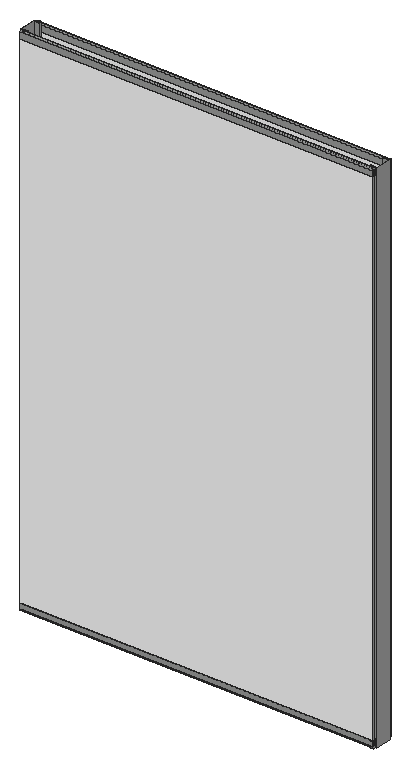
Revit family "cScreening-Louver-Assembly-Panel-Palmshield-Filigree_Trellis_System-Double", category Specialty Equipment, Revit 2021
Family settings
  Round Connector Dimension = Use Diameter
  Part Type = Normal
  OmniClass Number = 23.55.00.00
  OmniClass Title = Manufactured Structures
  Work Plane-Based = No
  Always vertical = No
  Cut with Voids When Loaded = No
  Shared = No
  Room Calculation Point = No
Parameters (values of type "Assembly")
  Width [instance] = if(Desired Overall Width < C Min Width, C Min Width, if(Desired Overall Width > C Max Width, C Max Width, Desired Overall Width))  # 4' - 0"
  Warranty URL = "https://palmshieldlouvers.com/wp-content/uploads/2020/01/PalmSHIELD-Warranty-NO-SIGN-LINE.pdf"
  Version = "2020 - v1.0a"  # constant formula
  URL = "https://palmshieldlouvers.com/"
  Product Page URL = "https://palmshieldlouvers.com/products/trellis-louvers/"
  Product Documentation Link = "https://palmshieldlouvers.com/wp-content/uploads/2022/03/PalmSHIELD-ESPALIER-trellis-panel-system-specifications-1.doc"
  Offset From Surface = 0' - 2"  # constant formula
  Model = "Filigree Trellis System - Double"  # constant formula
  Material = Metal - PalmSHIELD - Dusty Grey
  Manufacturer Phone Number = "531-329-4406 "  # constant formula
  Manufacturer Email = "mailto: info@palmshieldlouvers.com"
  Manufacturer Address = "12330 Cary Circle, La Vista, NE 68128"  # constant formula
  Manufacturer = "PalmSHIELD"  # constant formula
  Louver Finish = Metal - PalmSHIELD - Grey Beige
  Keynote = "05 10 00"
  Instruction Sheet Link = "https://palmshieldlouvers.com/wp-content/uploads/2020/01/PalmSHIELD-Post-Panel-Gate-Installation-Instructions-REV-1.pdf"
  ID [instance] = "Not Assigned"
  Height [instance] = if(Desired Overall Height < C Min Height, C Min Height, if(Desired Overall Height > C Max Height, C Max Height, Desired Overall Height))  # 6' - 0"
  Desired Overall Width [instance] = 4' - 0"
  Desired Overall Height [instance] = 6' - 0"
  Desired Bottom Angle [instance] = 0.00°
  Description = "Filigree Trellis System - Double - Panel Assembly"  # constant formula
  Default Elevation = 0' - 0"
  Copyright = "Copyright ©2024 The American Fence Company and PalmSHIELD. All Rights Reserved."  # constant formula
  Component Vis [instance] = yes
  Component Name [instance] = "Filigree Trellis System - Double - Panel Assembly"  # constant formula
  C Min Width [instance] = 4' - 0"  # constant formula
  C Min Height [instance] = C Min Width  # 4' - 0"
  C Max Width [instance] = 5' - 0"  # constant formula
  C Max Height [instance] = 10' - 0"  # constant formula
  C Angle [instance] = if(Desired Bottom Angle > 10.00°, 10.00°, if(Desired Bottom Angle < -10.00°, -10.00°, Desired Bottom Angle))  # 0.00°
  Assembly Code = "F1020100"
Reference planes (in)
  plane 1 "Center (Front/Back)": y = 0
  plane 2: z = 0
  plane 3 "Center (Left/Right)": x = 0
  plane 4: z = 72
  plane 5: x = 48
  plane 6: y = 2.75
  plane 7: y = 1.375
  plane 8: y = 0.125
Lines and regions (in)
  reference lines
    curve 1: line (48, 0, 96.95698) -> (48, 0, -11)
    curve 2: line (-20.8931, 0, 72) -> (71.1069, 0, 72)
Dimensions and locks (in)
  "Desired Overall Height": curve 2 to level
  "Desired Overall Width": curve 1 to plane 3 "Center (Left/Right)"
  "Height": plane 4 to level
  "Width": plane 5 to plane 3 "Center (Left/Right)"
  equal spacing: plane 1 "Center (Front/Back)", plane 7, plane 6
  aligned and locked: plane 2 to level
Automatic sketch dimensions
  curve 2 to plane 3 "Center (Left/Right)" = 1' - 8.8931"
  plane 5 to curve 2 = 1' - 11.1069"
  curve 1 to level = 0' - 11"
  plane 4 to curve 1 = 2' - 0.95698"
Nested families (in)
  nested 1: "Nested-Louver-Assembly-Panel-Palmshield-Filigree_Trellis_System-Double" at (0, 0, 0), Desired Overall Height <- "Desired Overall Height", Desired Overall Width <- "Desired Overall Width", ID <- "ID", Height <- "Height", Width <- "Width", Component Vis <- "Component Vis", visible <- "Component Vis", type "Assembly"
    with Width 4' - 0", Louver Length 3' - 8", ID "Not Assigned", Height 6' - 0", Desired Overall Width 4' - 0", Desired Overall Height 6' - 0", Desired Bottom Angle 0.00°, Component Vis yes, Component Name "Filigree Trellis System - Double - Panel Assembly", C Top Post Length 4' - 0", C Straight Corner Angle 45.00°, C Slope Angle 0.00°, C Side Frame Width 0' - 3", C Side Adjustment 0' - 0", C Right Side Angle 0.00°, C Rib Thickness Bottom Offset 0' - 0 1/4", C Rib Bottom Side Offset 0' - 0", C Louver Offset 0' - 3", C Louver Count 28, C Left Side Angle 0.00°, C Hip 4' - 0", C Frame Offset 0' - 2", C Corner Offset 0' - 3", C Bottom Length 3' - 11 1/2", C Back L Frame Offset 0' - 5", C B-Side Post Length 6' - 0", C B-Side Angle 45.00°, C Angle 90.00°, C A-Side Post Length 6' - 0", C A-Side Angle 45.00°
  nested 2: "Nested-L_Frame-Palmshield-Espalier_Trellis_System-Single" at (47.75, 0, 72) x (0, 1, 0) z (0, 0, -1), type "AL L3" X 3" X 1/4""
    with Slope Angle 0.00°, Material Metal - PalmSHIELD - Dusty Grey, Length 3' - 11 1/2", ID "Not Assigned", Component Name "Filigree Trellis System - Aluminum - U-Edging", B-Side Cut Angle 0.00°, A-Side Cut Angle 0.00°
  nested 3: "Nested-Box_Frame-Palmshield-Espalier_Trellis_System-Single" at (0, 0.376, 72) x (0, 1, 0) z (1, 0, 0), type "AL 1/4" X 3" FB"
    with Slope Angle 0.00°, Material Metal - PalmSHIELD - Dusty Grey, Length 5' - 10", ID "Not Assigned", Component Name "Filigree Trellis System - Channel", B-Side Cut Angle 0.00°, A-Side Cut Angle 0.00°
  nested 4: "Nested-Box_Frame-Palmshield-Espalier_Trellis_System-Single" at (48, 0.376, 2) x (0, 1, 0) z (-1, 0, 0), type "AL 1/4" X 3" FB"
    with Slope Angle 0.00°, Material Metal - PalmSHIELD - Dusty Grey, Length 5' - 10", ID "Not Assigned", Component Name "Filigree Trellis System - Channel", B-Side Cut Angle 0.00°, A-Side Cut Angle 0.00°
  nested 5: "Nested-L_Frame-Palmshield-Espalier_Trellis_System-Single" at (0.25, 0.376, 2) x (0, -1, 0) z (0, 0, 1), type "AL L3" X 3" X 1/4""
    with Slope Angle 0.00°, Material Metal - PalmSHIELD - Dusty Grey, Length 3' - 11 1/2", ID "Not Assigned", Component Name "Filigree Trellis System - Aluminum - U-Edging", B-Side Cut Angle 0.00°, A-Side Cut Angle 0.00°
  nested 6: "Nested-L_Frame-Palmshield-Espalier_Trellis_System-Single" at (47.75, 3, 72) x (0, -1, 0) z (0, 0, -1), type "AL L3" X 3" X 1/4""
    with Slope Angle 0.00°, Material Metal - PalmSHIELD - Dusty Grey, Length 3' - 11 1/2", ID "Not Assigned", Component Name "Filigree Trellis System - Aluminum - U-Edging", B-Side Cut Angle 0.00°, A-Side Cut Angle 0.00°
  nested 7: "Nested-L_Frame-Palmshield-Espalier_Trellis_System-Single" at (0.25, 2.624, 2) x (0, 1, 0) z (0, 0, 1), type "AL L3" X 3" X 1/4""
    with Slope Angle 0.00°, Material Metal - PalmSHIELD - Dusty Grey, Length 3' - 11 1/2", ID "Not Assigned", Component Name "Filigree Trellis System - Aluminum - U-Edging", B-Side Cut Angle 0.00°, A-Side Cut Angle 0.00°
Definition of nested family "Nested-Louver-Assembly-Panel-Palmshield-Filigree_Trellis_System-Double"
  Parameters (values of type "Assembly")
    Width [instance] = if(Desired Overall Width < 4' 0", 4' 0", if(Desired Overall Width > 5' 0", 5' 0", Desired Overall Width))  # 4' - 0"
    Warranty URL = "https://palmshieldlouvers.com/wp-content/uploads/2020/01/PalmSHIELD-Warranty-NO-SIGN-LINE.pdf"
    Version = "2020 - v1.0a"  # constant formula
    URL = "https://palmshieldlouvers.com/"
    Panel Surface Finish = none
    Offset From Surface = 0' - 2"  # constant formula
    Material Note = "For More Panel Finish Options, Please Contact the Manufacturer"  # constant formula
    Material = none
    Louver Separation = 0' - 2 3/8"  # constant formula
    Product Page URL = "https://palmshieldlouvers.com/products/augustus-solid/"
    Product Documentation Link = "https://palmshieldlouvers.com/wp-content/uploads/2020/05/PalmSHIELD-Solid-Composite-Technical-Data-Sheet.pdf"
    Model = "Filigree Trellis System - Double"  # constant formula
    Manufacturer Phone Number = "531-329-4406 "  # constant formula
    Manufacturer Fax Number = "Consult Manufacturer Website for More Information"  # constant formula
    Manufacturer Email = "mailto: info@palmshieldlouvers.com"
    Manufacturer Address = "12330 Cary Circle, La Vista, NE 68128"  # constant formula
    Manufacturer = "PalmSHIELD"  # constant formula
    Louver Length [instance] = Width - 2 * C Side Frame Width + 0' 2"  # 3' - 8"
    Keynote = "05 10 00"
    Instruction Sheet Link = "https://palmshieldlouvers.com/wp-content/uploads/2020/01/PalmSHIELD-Post-Panel-Gate-Installation-Instructions-REV-1.pdf"
    ID [instance] = "Not Assigned"
    Height [instance] = if(Desired Overall Height < 3' 0", 3' 0", if(Desired Overall Height > 10' 0", 10' 0", Desired Overall Height))  # 6' - 0"
    Frame Width = 0' - 3"  # constant formula
    Frame Thickness = 0' - 0 1/4"  # constant formula
    Desired Overall Width [instance] = 4' - 0"
    Desired Overall Height [instance] = 6' - 0"
    Description = "Filigree Trellis System - Double - Panel Assembly"  # constant formula
    Default Elevation = 0' - 0"
    Copyright = "Copyright ©2024 The American Fence Company and PalmSHIELD. All Rights Reserved."  # constant formula
    Component Vis [instance] = yes
    Component Name [instance] = "Filigree Trellis System - Double - Panel Assembly"  # constant formula
    C Top Post Length [instance] = Width  # 4' - 0"
    C Straight Corner Angle [instance] = 0.00°
    C Slope Angle [instance] = if(Desired Bottom Angle < -25.00°, 25.00°, if(Desired Bottom Angle > 25.00°, 25.00°, Desired Bottom Angle))  # 0.00°
    C Side Frame Width [instance] = 0' - 3"  # constant formula
    C Right Side Angle [instance] = -C Slope Angle  # 0.00°
    C Rib Thickness Bottom Offset [instance] = Frame Thickness * cos(C Slope Angle)  # 0' - 0 1/4"
    C Rib Bottom Side Offset [instance] = if(C Slope Angle < 0.00°, -Frame Thickness * sin(C Slope Angle), Frame Thickness * sin(C Slope Angle))  # 0' - 0"
    C Louver Overlap = 0' - 0 5/8"  # constant formula
    C Louver Offset [instance] = if(C Side Adjustment < 0' 0", -C Side Adjustment + (Frame Width / sin([C A-Side Angle])) * cos([C A-Side Angle]), Frame Width)  # 0' - 3"
    C Louver Count [instance] = if(C Slope Angle < 0.00°, (Height - 2 * Frame Width + C Louver Overlap * 2) / Louver Separation, (Height - 2 * Frame Width + C Louver Overlap * 2 - C Hip * sin(C Slope Angle)) / Louver Separation)  # 28
    C Left Side Angle [instance] = C Slope Angle  # 0.00°
    C Hip [instance] = Width / cos(C Slope Angle)  # 4' - 0"
    C Side Adjustment [instance] = -C Hip * sin(C Slope Angle)  # 0' - 0"
    C Frame Offset [instance] = C Side Frame Width - 0' 1"  # 0' - 2"
    C Corner Offset [instance] = if(C Slope Angle > 0.00°, Frame Width / sin([C A-Side Angle]) * cos([C A-Side Angle]), if(C Slope Angle < 0.00°, Frame Width / sin([C A-Side Angle]) * cos([C A-Side Angle]), 0' 3"))  # 0' - 3"
    C Bottom Length [instance] = Width - 2 * Frame Thickness  # 3' - 11 1/2"
    C Back L Frame Offset [instance] = 0' 5" - (Frame Thickness * sin(C Slope Angle))  # 0' - 5"
    C B-Side Post Length [instance] = Height + C Side Adjustment  # 6' - 0"
    C B-Side Angle [instance] = (90.00° - C Slope Angle) / 2  # 45.00°
    C Angle [instance] = if(C Slope Angle < -25.00°, 90.00° - 25.00°, if(C Slope Angle > 25.00°, 90.00° + 25.00°, 90.00° - C Slope Angle))  # 90.00°
    Desired Bottom Angle [instance] = 0.00°
    C A-Side Post Length [instance] = Height  # 6' - 0"
    C A-Side Angle [instance] = (90.00° + C Slope Angle) / 2  # 45.00°
    Assembly Code = "F1020100"
  Reference planes (in)
    plane 1 "Center (Front/Back)": y = 0
    plane 2: z = 0
    plane 3 "Side A": x = 0
    plane 4 "Top": z = 72
    plane 5 "Side B": x = 48
    plane 6: z = 2
    plane 7: x = 0.25
    plane 8: x = 47.75
    plane 9: z = 69
    plane 10: z = 69.625
    plane 11: y = 0.25
    plane 12: y = 1.125
    plane 13: z = 71.75
    plane 14: z = 2
    plane 15: z = 2.25
    plane 16: x = 0
    plane 17: x = 2
    plane 18 "Front": y = 3
    plane 19: y = 1.5
    plane 20: x = 24
    plane 21: z = 3
    plane 22: y = 2.75
    plane 23: y = 0.376
    plane 24: x = 47.75
  Forms (in)
    Extrusion 1, solid
      sketch origin (0, 0, 0) x (1, 0, 0) y (0, 1, 0)
        loop
          line (-48, 48) -> (-48, -48) -> (48, -48) -> (48, 48) -> (-48, 48)
      from 0 to -12
  Lines and regions (in)
    reference lines
      curve 1: line (0, 0, 2) -> (84, 0, 2)
      curve 2: line (-27.58202, 0, 72) -> (60.81396, 0, 72)
      curve 3: line (48, 0, 76.70206) -> (48, 0, -11.93476)
      curve 4: line (0, 0, 5) -> (48, 0, 5)
      curve 5: line (0, 0, 5) -> (5.25, 0, 5)
      curve 6: line (48, 0, 5) -> (42.5, 0, 5)
      curve 7: line (0, 0, 10) -> (5.25, 0, 10)
      curve 8: line (0, 0, 5) -> (5.25, 0, 5)
      curve 9: line (48, 0, 0) -> (42.5, 0, 0)
      curve 10: line (48, 0, 5) -> (42.5, 0, 5)
  Dimensions and locks (in)
    "Width": plane 5 "Side B" to plane 3 "Side A"
    "Offset From Surface": plane 6 to Extrusion 1
    "Frame Thickness": plane 7 to plane 3 "Side A"
    "Frame Thickness": plane 5 "Side B" to plane 8
    "Frame Width": plane 4 "Top" to plane 9
    "C Louver Overlap": plane 10 to plane 9
    "Frame Thickness": plane 11 to plane 1 "Center (Front/Back)"
    plane 3 "Side A" to plane 5 "Side B" = 4' - 0"
    "Frame Thickness": plane 4 "Top" to plane 13
    "C Rib Thickness Bottom Offset": plane 15 to plane 6
    "C Rib Bottom Side Offset": plane 3 "Side A" to plane 16
    "Desired Overall Width": curve 3 to plane 3 "Side A"
    "C Frame Offset": plane 17 to plane 3 "Side A"
    "Frame Width": plane 1 "Center (Front/Back)" to plane 18 "Front"
    equal spacing: plane 1 "Center (Front/Back)", plane 19, plane 18 "Front"
    equal spacing: plane 5 "Side B", plane 20, plane 3 "Side A"
    locked: curve 5 to plane 3 "Side A" at 5.25
    locked: plane 5 "Side B" to curve 6 at 5.5
    locked: curve 7 to plane 3 "Side A" at 5.25
    locked: curve 8 to plane 3 "Side A" at 5.25
    locked: plane 5 "Side B" to curve 10 at 5.5
    locked: plane 5 "Side B" to curve 9 at 5.5
    locked: plane 21 to plane 6 at 1
    locked: plane 18 "Front" to plane 22 at 0.25
    "Desired Overall Height": curve 2 to plane 2
    "Height": plane 4 "Top" to plane 2
    locked: plane 1 "Center (Front/Back)" to plane 23 at 0.376
    "Frame Thickness": plane 5 "Side B" to plane 24
    "C Angle": angle curve 1 to plane 3 "Side A"
    locked: curve 5 to plane 3 "Side A" (angle 90.00°)
    locked: plane 5 "Side B" to curve 6 (angle 90.00°)
    locked: curve 7 to plane 3 "Side A" (angle 90.00°)
    locked: curve 8 to plane 3 "Side A" (angle 90.00°)
    locked: plane 5 "Side B" to curve 10 (angle 90.00°)
    locked: plane 5 "Side B" to curve 9 (angle 90.00°)
    aligned and locked: plane 2 to Extrusion 1
    aligned and locked: level to Extrusion 1
    aligned and locked: plane 6 to curve 1
    aligned and locked: plane 3 "Side A" to curve 1
    aligned and locked: nested 1 to plane 1 "Center (Front/Back)"
    aligned and locked: plane 3 "Side A" to curve 4
    aligned and locked: plane 5 "Side B" to curve 4
    aligned and locked: plane 3 "Side A" to curve 5
    aligned and locked: plane 5 "Side B" to curve 6
    aligned and locked: curve 4 to curve 4
    aligned and locked: curve 4 to curve 6
    aligned and locked: plane 3 "Side A" to curve 7
    aligned and locked: plane 3 "Side A" to curve 8
    aligned and locked: plane 5 "Side B" to curve 10
    aligned and locked: plane 5 "Side B" to curve 9
    aligned and locked: nested 2 to plane 20
    aligned and locked: plane 23 to nested 3
    aligned and locked: plane 23 to nested 4
    aligned and locked: nested 5 to plane 1 "Center (Front/Back)"
    aligned and locked: plane 14 to nested 4
    aligned and locked: plane 4 "Top" to nested 4
    aligned and locked: nested 3 to plane 4 "Top"
    aligned and locked: nested 3 to plane 6
    aligned and locked: plane 24 to nested 1
    aligned and locked: nested 1 to plane 7
    aligned and locked: nested 5 to plane 7
    aligned and locked: nested 6 to nested 7
    aligned and locked: plane 18 "Front" to nested 8
    aligned and locked: nested 7 to plane 18 "Front"
    aligned and locked: plane 7 to nested 8
    aligned and locked: nested 6 to plane 7
    aligned and locked: plane 20 to nested 7
  Automatic sketch dimensions
    Extrusion 1 sketch curve to Extrusion 1 sketch curve = 8' - 0"  (x2)
    curve 1 to curve 4 = 0' - 3"
    curve 5 to curve 4 = 0' - 0"
    curve 8 to curve 5 = 0' - 0"
    curve 5 to curve 7 = 0' - 5"
    curve 10 to curve 6 = 0' - 0"
    curve 6 to curve 9 = 0' - 5"
    curve 2 to plane 3 "Side A" = 2' - 3 149/256"
    plane 5 "Side B" to curve 2 = 1' - 0.81396"
    curve 3 to level = 0' - 11.93476"
    plane 4 "Top" to curve 3 = 0' - 4.70206"
  Nested families (in)
    nested 1: "Nested-L_Frame-Palmshield-Espalier_Trellis_System-Single" at (47.75, 0, 72) x (0, 1, 0) z (0, 0, -1), ID <- "ID", Material <- "Material", A-Side Cut Angle <- "C Straight Corner Angle", B-Side Cut Angle <- "C Straight Corner Angle", visible <- "Component Vis", type "AL L3" X 3" X 1/4""
      with Slope Angle 0.00°, Material none, Length 3' - 11 1/2", ID "Not Assigned", Component Name "Filigree Trellis System - Aluminum - U-Edging", B-Side Cut Angle 0.00°, A-Side Cut Angle 0.00°
    nested 2: "(Do_Not_Use-Nested)-Aluminum_Sheet-Palmshield-Espalier_Trellis_System" at (0.25, 0, 3), Material <- "Material", Surface Finish <- "Panel Surface Finish", C Overall Panel Height <- "Height", C Overall Panel Width <- "Width", C Angle <- "C Angle", visible <- "Component Vis", type "Perforated Sheet"
      with Width 3' - 11 1/2", Surface Finish none, Material none, ID "", Height 5' - 8", Component Name "Espalier Trellis System - Perforated Sheet", C Overall Panel Width 4' - 0", C Overall Panel Height 6' - 0", C Frame Thickness 0' - 0 1/4", C Angle 90.00°
    nested 3: "Nested-Box_Frame-Palmshield-Espalier_Trellis_System-Single" at (0, 0.376, 72) x (0, 1, 0) z (1, 0, 0), visible <- "Component Vis", type "AL 1/4" X 3" FB"
      with Slope Angle 0.00°, Material none, Length 5' - 10", ID "Not Assigned", Component Name "Filigree Trellis System - Channel", B-Side Cut Angle 0.00°, A-Side Cut Angle 0.00°
    nested 4: "Nested-Box_Frame-Palmshield-Espalier_Trellis_System-Single" at (48, 0.376, 2) x (0, 1, 0) z (-1, 0, 0), visible <- "Component Vis", type "AL 1/4" X 3" FB"
      with Slope Angle 0.00°, Material none, Length 5' - 10", ID "Not Assigned", Component Name "Filigree Trellis System - Channel", B-Side Cut Angle 0.00°, A-Side Cut Angle 0.00°
    nested 5: "Nested-L_Frame-Palmshield-Espalier_Trellis_System-Single" at (0.25, 0.376, 2) x (0, -1, 0) z (0, 0, 1), ID <- "ID", Material <- "Material", A-Side Cut Angle <- "C Straight Corner Angle", B-Side Cut Angle <- "C Straight Corner Angle", visible <- "Component Vis", Length <- "C Bottom Length", type "AL L3" X 3" X 1/4""
      with Slope Angle 0.00°, Material none, Length 3' - 11 1/2", ID "Not Assigned", Component Name "Filigree Trellis System - Aluminum - U-Edging", B-Side Cut Angle 0.00°, A-Side Cut Angle 0.00°
    nested 6: "Nested-L_Frame-Palmshield-Espalier_Trellis_System-Single" at (47.75, 3, 72) x (0, -1, 0) z (0, 0, -1), ID <- "ID", Material <- "Material", A-Side Cut Angle <- "C Straight Corner Angle", B-Side Cut Angle <- "C Straight Corner Angle", visible <- "Component Vis", Length <- "C Bottom Length", type "AL L3" X 3" X 1/4""
      with Slope Angle 0.00°, Material none, Length 3' - 11 1/2", ID "Not Assigned", Component Name "Filigree Trellis System - Aluminum - U-Edging", B-Side Cut Angle 0.00°, A-Side Cut Angle 0.00°
    nested 7: "(Do_Not_Use-Nested)-Aluminum_Sheet-Palmshield-Espalier_Trellis_System" at (0.25, 3, 3), Material <- "Material", Surface Finish <- "Panel Surface Finish", C Overall Panel Height <- "Height", C Overall Panel Width <- "Width", C Angle <- "C Angle", visible <- "Component Vis", type "Perforated Sheet"
      with Width 3' - 11 1/2", Surface Finish none, Material none, ID "", Height 5' - 8", Component Name "Espalier Trellis System - Perforated Sheet", C Overall Panel Width 4' - 0", C Overall Panel Height 6' - 0", C Frame Thickness 0' - 0 1/4", C Angle 90.00°
    nested 8: "Nested-L_Frame-Palmshield-Espalier_Trellis_System-Single" at (0.25, 2.624, 2) x (0, 1, 0) z (0, 0, 1), ID <- "ID", Material <- "Material", A-Side Cut Angle <- "C Straight Corner Angle", B-Side Cut Angle <- "C Straight Corner Angle", visible <- "Component Vis", Length <- "C Bottom Length", type "AL L3" X 3" X 1/4""
      with Slope Angle 0.00°, Material none, Length 3' - 11 1/2", ID "Not Assigned", Component Name "Filigree Trellis System - Aluminum - U-Edging", B-Side Cut Angle 0.00°, A-Side Cut Angle 0.00°
  Definition of nested family "Nested-L_Frame-Palmshield-Espalier_Trellis_System-Single"
    Parameters (values of type "1/4" X 1" ALUMINUM - U-EDGING")
      Width = 0' - 1"  # constant formula
      Warranty URL = "https://palmshieldlouvers.com/wp-content/uploads/2020/01/PalmSHIELD-Warranty-NO-SIGN-LINE.pdf"
      Version = "2020 - v1.0a"  # constant formula
      URL = "https://palmshieldlouvers.com/"
      Thickness = 0' - 0 1/4"  # constant formula
      Slope Angle [instance] = 0.00°
      Product Page URL = "https://palmshieldlouvers.com/products/filigree-trellis-system/"
      Product Documentation Link = "https://palmshieldlouvers.com/wp-content/uploads/2022/03/PalmSHIELD-FILIGREE-trellis-panel-system-specifications.doc"
      Model = "Filigree Trellis System - Double"  # constant formula
      Material [instance] = none
      Manufacturer Phone Number = "531-329-4406 "  # constant formula
      Manufacturer Fax Number = "Consult Manufacturer Website for More Information"  # constant formula
      Manufacturer Email = "mailto: info@palmshieldlouvers.com"
      Manufacturer Address = "12330 Cary Circle, La Vista, NE 68128"  # constant formula
      Manufacturer = "PalmSHIELD"  # constant formula
      Length [instance] = 4' - 4.86713"
      Keynote = "05 10 00"
      Instruction Sheet Link = "https://palmshieldlouvers.com/wp-content/uploads/2020/01/PalmSHIELD-Post-Panel-Gate-Installation-Instructions-REV-1.pdf"
      ID [instance] = ""
      Description = "Filigree Trellis System - U-Edging"  # constant formula
      Default Elevation = 4' - 0"
      Copyright = "Copyright ©2024 The American Fence Company and PalmSHIELD. All Rights Reserved."  # constant formula
      Component Name [instance] = "Filigree Trellis System - Aluminum - U-Edging"  # constant formula
      C Hole Offset = 0' - 1 1/2"  # constant formula
      B-Side Cut Angle [instance] = Slope Angle  # 0.00°
      Assembly Code = "F1020100"
      A-Side Cut Angle [instance] = -Slope Angle  # 0.00°
    Types (2): name | Product Page URL | Product Documentation Link
      1/4" X 1" ALUMINUM - U-EDGING | "https://palmshieldlouvers.com/products/filigree-trellis-system/" | "https://palmshieldlouvers.com/wp-content/uploads/2022/03/PalmSHIELD-FILIGREE-trellis-panel-system-specifications.doc"
      AL L3" X 3" X 1/4" | "https://palmshieldlouvers.com/products/square-wire-mesh/" | "https://palmshieldlouvers.com/wp-content/uploads/2020/04/PalmSHIELD-Wire-Mesh-Technical-Data-Sheet.pdf"
    Reference planes (in)
      plane 1 "Center (Front/Back)": y = 0
      plane 2: z = 0
      plane 3 "Center (Left/Right)": x = 0
      plane 4: x = 1
      plane 5: y = -52.86713
      plane 6: z = 1
      plane 7: y = 3.00184
      plane 8: y = -55.86897
    Forms (in)
      Extrusion 1, solid
        sketch origin (0, 0, 0) x (1, 0, 0) y (0, 1, 0)
          loop
            line (-48, 48) -> (-48, -48) -> (48, -48) -> (48, 48) -> (-48, 48)
        from 0 to -12
      Sweep 2, solid, material <- "Material"
        path origin (0, 0, 0) x (0, 1, 0) y (0, 0, 1)
          loop
            line (3.00184, 0) -> (-55.86897, 0)
        profile "Profile-Palmshield-L : 1/4" X 1" ALUMINUM - U-EDGING" origin (0, -26.43357, 0) x (0, 0, -1) y (1, 0, 0)
          loop
            arc (-0.188, 0.313) -> (-0.063, 0.188) -> (-0.188, 0.063) r 0.125
            line (-0.188, 0.063) -> (-1, 0.063) -> (-1, 0) -> (-0.188, 0)
            arc (-0.188, 0) -> (0, 0.188) -> (-0.188, 0.376) r 0.188
            line (-0.188, 0.376) -> (-1, 0.376) -> (-1, 0.313) -> (-0.188, 0.313)
      Extrusion 3, void
        sketch origin (0, 0, 0) x (0, 1, 0) y (0, 0, 1)
          loop
            line (0, 1) -> (0, 0) -> (4.7449, 0) -> (4.7449, 1) -> (0, 1)
          loop
            line (-57.61203, 1) -> (-57.61203, 0) -> (-52.86713, 0) -> (-52.86713, 1) -> (-57.61203, 1)
        from 0 to 1
    Cuts and joins
      Extrusion 3 cuts Sweep 2
    Dimensions and locks (in)
      "Width": plane 3 "Center (Left/Right)" to plane 4
      "Length": plane 1 "Center (Front/Back)" to plane 5
      "Width": plane 6 to plane 2
      locked: Extrusion 3 sketch curve to plane 1 "Center (Front/Back)" at 4.7449
      locked: plane 5 to Extrusion 3 sketch curve at 4.7449
      locked: plane 7 to plane 1 "Center (Front/Back)" at 3.00184
      locked: plane 5 to plane 8 at 3.00184
      "B-Side Cut Angle": angle Extrusion 3 sketch curve to plane 1 "Center (Front/Back)"
      "A-Side Cut Angle": angle plane 5 to Extrusion 3 sketch curve
      aligned and locked: plane 2 to Extrusion 1
      aligned and locked: level to Extrusion 1
      aligned and locked: Extrusion 3 sketch curve to plane 6
      aligned and locked: level to Extrusion 3 sketch curve
      aligned and locked: plane 6 to Extrusion 3 sketch curve
      aligned and locked: Extrusion 3 sketch curve to plane 2
      aligned and locked: plane 1 "Center (Front/Back)" to Extrusion 3 sketch curve
      aligned and locked: plane 2 to Extrusion 3 sketch curve
      aligned and locked: plane 5 to Extrusion 3 sketch curve
      aligned and locked: Extrusion 3 to plane 3 "Center (Left/Right)"
      aligned and locked: Extrusion 3 to plane 4
      aligned and locked: plane 7 to Sweep 2 sketch curve
      aligned and locked: plane 8 to Sweep 2 sketch curve
    Automatic sketch dimensions
      Extrusion 1 sketch curve to Extrusion 1 sketch curve = 8' - 0"  (x2)
      Sweep 2 sketch curve to level = 0' - 0"
  Definition of nested family "(Do_Not_Use-Nested)-Aluminum_Sheet-Palmshield-Espalier_Trellis_System"
    Parameters (values of type "Perforated Sheet")
      Width [instance] = C Overall Panel Width - 2 * C Frame Thickness  # 5' - 10.36614"
      Warranty URL = "https://palmshieldlouvers.com/wp-content/uploads/2020/01/PalmSHIELD-Warranty-NO-SIGN-LINE.pdf"
      Version = "2020 - v1.0a"  # constant formula
      URL = "https://palmshieldlouvers.com/"
      Thickness = 0' - 0 1/4"  # constant formula
      Surface Finish [instance] = none
      Product Page URL = "https://palmshieldlouvers.com/products/square-wire-mesh/"
      Product Documentation Link = "https://palmshieldlouvers.com/wp-content/uploads/2020/04/PalmSHIELD-Wire-Mesh-Technical-Data-Sheet.pdf"
      Model = "Espalier Trellis System - Double"  # constant formula
      Material [instance] = none
      Manufacturer Phone Number = "531-329-4406 "  # constant formula
      Manufacturer Fax Number = "Consult Manufacturer Website for More Information"  # constant formula
      Manufacturer Email = "mailto: info@palmshieldlouvers.com"
      Manufacturer Address = "12330 Cary Circle, La Vista, NE 68128"  # constant formula
      Manufacturer = "PalmSHIELD"  # constant formula
      Keynote = "05 10 00"
      Instruction Sheet Link = "https://palmshieldlouvers.com/wp-content/uploads/2020/01/PalmSHIELD-Post-Panel-Gate-Installation-Instructions-REV-1.pdf"
      ID [instance] = ""
      Height [instance] = C Overall Panel Height - 0' 4"  # 7' - 10.4252"
      Description = "Espalier Trellis System - Perforated Sheet"  # constant formula
      Default Elevation = 4' - 0"
      Copyright = "Copyright ©2024 The American Fence Company and PalmSHIELD. All Rights Reserved."  # constant formula
      Component Name [instance] = "Espalier Trellis System - Perforated Sheet"  # constant formula
      C Overall Panel Width [instance] = 5' - 10.86614"
      C Overall Panel Height [instance] = 8' - 2.4252"
      C Frame Thickness [instance] = 0' - 0 1/4"  # constant formula
      C Angle [instance] = 90.00°
      Assembly Code = "F1020100"
    Reference planes (in)
      plane 1 "Center (Front/Back)": y = 0
      plane 2: z = 0
      plane 3 "Center (Left/Right)": x = 0
      plane 4: y = -0.25
    Forms (in)
      Extrusion 1, solid
        sketch origin (0, 0, 0) x (1, 0, 0) y (0, 1, 0)
          loop
            line (-48, 48) -> (-48, -48) -> (48, -48) -> (48, 48) -> (-48, 48)
        from 0 to -12
      Extrusion 2, solid, material <- "Material"
        sketch origin (0, 0, 0) x (1, 0, 0) y (0, 0, 1)
          loop
            line (0, 94.4252) -> (0, 0) -> (70.36614, 0) -> (70.36614, 94.4252) -> (0, 94.4252)
        from 0 to 0.25
    Lines and regions (in)
      reference lines
        curve 1: line (0, 0, 0) -> (88, 0, 0)
        curve 2: line (-16.33605, 0, 94.4252) -> (99.74392, 0, 94.4252)
        curve 3: line (70.36614, 0, 125.59401) -> (70.36614, 0, 9.45825)
        curve 4: line (35.18307, 0, 123.65758) -> (35.18307, 0, -23.04026)
        curve 5: line (-16.33605, 0, 47.2126) -> (103.08084, 0, 47.2126)
    Dimensions and locks (in)
      "Thickness": plane 4 to plane 1 "Center (Front/Back)"
      "Width": curve 3 to plane 3 "Center (Left/Right)"
      "Height": curve 2 to plane 2
      equal spacing: curve 3, curve 4, plane 3 "Center (Left/Right)"
      equal spacing: curve 2, curve 5, plane 2
      "C Angle": angle curve 1 to plane 3 "Center (Left/Right)"
      aligned and locked: plane 2 to Extrusion 1
      aligned and locked: level to Extrusion 1
      aligned and locked: plane 3 "Center (Left/Right)" to curve 1
      aligned and locked: plane 2 to curve 1
      aligned and locked: Extrusion 2 sketch curve to plane 3 "Center (Left/Right)"
      aligned and locked: Extrusion 2 to plane 4
      aligned and locked: Extrusion 2 to plane 1 "Center (Front/Back)"
      aligned and locked: curve 2 to Extrusion 2 sketch curve
      aligned and locked: curve 3 to Extrusion 2 sketch curve
      aligned and locked: Extrusion 2 sketch curve to curve 1
    Automatic sketch dimensions
      Extrusion 1 sketch curve to Extrusion 1 sketch curve = 8' - 0"  (x2)
      curve 2 to plane 3 "Center (Left/Right)" = 1' - 4.33605"
      curve 5 to plane 3 "Center (Left/Right)" = 1' - 4.33605"
      curve 3 to curve 2 = 2' - 5.37778"
      curve 2 to curve 5 = 0' - 3.33692"
      curve 4 to level = 1' - 11.04026"
      level to curve 3 = 0' - 9.45825"
      curve 2 to curve 4 = 2' - 5.23239"
      curve 4 to curve 3 = 0' - 1.93643"
  Definition of nested family "Nested-Box_Frame-Palmshield-Espalier_Trellis_System-Single"
    Parameters (values of type "7/8" X 2-1/4" X 1/8" - ALUMINUM CHANNEL")
      Width = 0' - 2 1/4"  # constant formula
      Warranty URL = "https://palmshieldlouvers.com/wp-content/uploads/2020/01/PalmSHIELD-Warranty-NO-SIGN-LINE.pdf"
      Version = "2020 - v1.0a"  # constant formula
      URL = "https://palmshieldlouvers.com/"
      Thickness = 0' - 0 1/8"  # constant formula
      Slope Angle [instance] = -5.00°
      Product Page URL = "https://palmshieldlouvers.com/products/filigree-trellis-system/"
      Product Documentation Link = "https://palmshieldlouvers.com/wp-content/uploads/2022/03/PalmSHIELD-FILIGREE-trellis-panel-system-specifications.doc"
      Model = "Filigree Trellis System - Double"  # constant formula
      Material [instance] = none
      Manufacturer Phone Number = "531-329-4406 "  # constant formula
      Manufacturer Fax Number = "Consult Manufacturer Website for More Information"  # constant formula
      Manufacturer Email = "mailto: info@palmshieldlouvers.com"
      Manufacturer Address = "12330 Cary Circle, La Vista, NE 68128"  # constant formula
      Manufacturer = "PalmSHIELD"  # constant formula
      Length [instance] = 4' - 4.86713"
      Keynote = "05 10 00"
      Instruction Sheet Link = "https://palmshieldlouvers.com/wp-content/uploads/2020/01/PalmSHIELD-Post-Panel-Gate-Installation-Instructions-REV-1.pdf"
      ID [instance] = ""
      Description = "Filigree Trellis System - Box Frame"  # constant formula
      Default Elevation = 4' - 0"
      Copyright = "Copyright ©2024 The American Fence Company and PalmSHIELD. All Rights Reserved."  # constant formula
      Component Name [instance] = "Filigree Trellis System - Channel"  # constant formula
      C Hole Offset = 0' - 1 1/2"  # constant formula
      B-Side Cut Angle [instance] = Slope Angle  # -5.00°
      Assembly Code = "F1020100"
      A-Side Cut Angle [instance] = -Slope Angle  # 5.00°
    Types (2): name | Product Page URL | Product Documentation Link
      7/8" X 2-1/4" X 1/8" - ALUMINUM CHANNEL | "https://palmshieldlouvers.com/products/filigree-trellis-system/" | "https://palmshieldlouvers.com/wp-content/uploads/2022/03/PalmSHIELD-FILIGREE-trellis-panel-system-specifications.doc"
      AL 1/4" X 3" FB | "https://palmshieldlouvers.com/products/square-wire-mesh/" | "https://palmshieldlouvers.com/wp-content/uploads/2020/04/PalmSHIELD-Wire-Mesh-Technical-Data-Sheet.pdf"
    Reference planes (in)
      plane 1 "Center (Front/Back)": y = 0
      plane 2: z = 0
      plane 3 "Center (Left/Right)": x = 0
      plane 4: x = 2.25
      plane 5: y = -52.86713
      plane 6: z = 0.875
      plane 7: y = 3.00184
      plane 8: y = -55.86897
    Forms (in)
      Extrusion 1, solid
        sketch origin (0, 0, 0) x (1, 0, 0) y (0, 1, 0)
          loop
            line (-48, 48) -> (-48, -48) -> (48, -48) -> (48, 48) -> (-48, 48)
        from 0 to -12
      Sweep 2, solid, material <- "Material"
        path origin (0, 0, 0) x (0, 1, 0) y (0, 0, 1)
          loop
            line (3.00184, 0) -> (-55.86897, 0)
        profile "Profile-Palmshield-U : 7/8" X 2-1/4" X 1/8" - U Channel" origin (0, -26.43357, 0) x (0, 0, -1) y (1, 0, 0)
          loop
            line (-0.125, 0.125) -> (-0.875, 0.125) -> (-0.875, 0) -> (0, 0) -> (0, 2.25) -> (-0.875, 2.25) -> (-0.875, 2.125) -> (-0.125, 2.125) -> (-0.125, 0.125)
      Extrusion 3, void
        sketch origin (0, 0, 0) x (0, 1, 0) y (0, 0, 1)
          loop
            line (0.07655, 0.875) -> (0, 0) -> (4.7449, 0) -> (4.7449, 0.875) -> (0.07655, 0.875)
          loop
            line (-57.61203, 0.875) -> (-57.61203, 0) -> (-52.86713, 0) -> (-52.79058, 0.875) -> (-57.61203, 0.875)
        from 0 to 2.25
    Cuts and joins
      Extrusion 3 cuts Sweep 2
    Dimensions and locks (in)
      "Width": plane 3 "Center (Left/Right)" to plane 4
      "Length": plane 1 "Center (Front/Back)" to plane 5
      locked: Extrusion 3 sketch curve to plane 1 "Center (Front/Back)" at 4.7449
      locked: plane 5 to Extrusion 3 sketch curve at 4.7449
      locked: plane 7 to plane 1 "Center (Front/Back)" at 3.00184
      locked: plane 5 to plane 8 at 3.00184
      locked: plane 6 to plane 2 at 0.875
      "B-Side Cut Angle": angle Extrusion 3 sketch curve to plane 1 "Center (Front/Back)"
      "A-Side Cut Angle": angle plane 5 to Extrusion 3 sketch curve
      aligned and locked: plane 2 to Extrusion 1
      aligned and locked: level to Extrusion 1
      aligned and locked: Extrusion 3 sketch curve to plane 6
      aligned and locked: level to Extrusion 3 sketch curve
      aligned and locked: plane 6 to Extrusion 3 sketch curve
      aligned and locked: Extrusion 3 sketch curve to plane 2
      aligned and locked: plane 1 "Center (Front/Back)" to Extrusion 3 sketch curve
      aligned and locked: plane 2 to Extrusion 3 sketch curve
      aligned and locked: plane 5 to Extrusion 3 sketch curve
      aligned and locked: Extrusion 3 to plane 3 "Center (Left/Right)"
      aligned and locked: Extrusion 3 to plane 4
      aligned and locked: plane 7 to Sweep 2 sketch curve
      aligned and locked: plane 8 to Sweep 2 sketch curve
    Automatic sketch dimensions
      Extrusion 1 sketch curve to Extrusion 1 sketch curve = 8' - 0"  (x2)
      Sweep 2 sketch curve to level = 0' - 0"
Definition of nested family "Nested-L_Frame-Palmshield-Espalier_Trellis_System-Single"
  Parameters (values of type "1/4" X 1" ALUMINUM - U-EDGING")
    Width = 0' - 1"  # constant formula
    Warranty URL = "https://palmshieldlouvers.com/wp-content/uploads/2020/01/PalmSHIELD-Warranty-NO-SIGN-LINE.pdf"
    Version = "2020 - v1.0a"  # constant formula
    URL = "https://palmshieldlouvers.com/"
    Thickness = 0' - 0 1/4"  # constant formula
    Slope Angle [instance] = 0.00°
    Product Page URL = "https://palmshieldlouvers.com/products/filigree-trellis-system/"
    Product Documentation Link = "https://palmshieldlouvers.com/wp-content/uploads/2022/03/PalmSHIELD-FILIGREE-trellis-panel-system-specifications.doc"
    Model = "Filigree Trellis System - Double"  # constant formula
    Material [instance] = none
    Manufacturer Phone Number = "531-329-4406 "  # constant formula
    Manufacturer Fax Number = "Consult Manufacturer Website for More Information"  # constant formula
    Manufacturer Email = "mailto: info@palmshieldlouvers.com"
    Manufacturer Address = "12330 Cary Circle, La Vista, NE 68128"  # constant formula
    Manufacturer = "PalmSHIELD"  # constant formula
    Length [instance] = 4' - 4.86713"
    Keynote = "05 10 00"
    Instruction Sheet Link = "https://palmshieldlouvers.com/wp-content/uploads/2020/01/PalmSHIELD-Post-Panel-Gate-Installation-Instructions-REV-1.pdf"
    ID [instance] = ""
    Description = "Filigree Trellis System - U-Edging"  # constant formula
    Default Elevation = 4' - 0"
    Copyright = "Copyright ©2024 The American Fence Company and PalmSHIELD. All Rights Reserved."  # constant formula
    Component Name [instance] = "Filigree Trellis System - Aluminum - U-Edging"  # constant formula
    C Hole Offset = 0' - 1 1/2"  # constant formula
    B-Side Cut Angle [instance] = Slope Angle  # 0.00°
    Assembly Code = "F1020100"
    A-Side Cut Angle [instance] = -Slope Angle  # 0.00°
  Types (2): name | Product Page URL | Product Documentation Link
    1/4" X 1" ALUMINUM - U-EDGING | "https://palmshieldlouvers.com/products/filigree-trellis-system/" | "https://palmshieldlouvers.com/wp-content/uploads/2022/03/PalmSHIELD-FILIGREE-trellis-panel-system-specifications.doc"
    AL L3" X 3" X 1/4" | "https://palmshieldlouvers.com/products/square-wire-mesh/" | "https://palmshieldlouvers.com/wp-content/uploads/2020/04/PalmSHIELD-Wire-Mesh-Technical-Data-Sheet.pdf"
  Reference planes (in)
    plane 1 "Center (Front/Back)": y = 0
    plane 2: z = 0
    plane 3 "Center (Left/Right)": x = 0
    plane 4: x = 1
    plane 5: y = -52.86713
    plane 6: z = 1
    plane 7: y = 3.00184
    plane 8: y = -55.86897
  Forms (in)
    Extrusion 1, solid
      sketch origin (0, 0, 0) x (1, 0, 0) y (0, 1, 0)
        loop
          line (-48, 48) -> (-48, -48) -> (48, -48) -> (48, 48) -> (-48, 48)
      from 0 to -12
    Sweep 2, solid, material <- "Material"
      path origin (0, 0, 0) x (0, 1, 0) y (0, 0, 1)
        loop
          line (3.00184, 0) -> (-55.86897, 0)
      profile "Profile-Palmshield-L : 1/4" X 1" ALUMINUM - U-EDGING" origin (0, -26.43357, 0) x (0, 0, -1) y (1, 0, 0)
        loop
          arc (-0.188, 0.313) -> (-0.063, 0.188) -> (-0.188, 0.063) r 0.125
          line (-0.188, 0.063) -> (-1, 0.063) -> (-1, 0) -> (-0.188, 0)
          arc (-0.188, 0) -> (0, 0.188) -> (-0.188, 0.376) r 0.188
          line (-0.188, 0.376) -> (-1, 0.376) -> (-1, 0.313) -> (-0.188, 0.313)
    Extrusion 3, void
      sketch origin (0, 0, 0) x (0, 1, 0) y (0, 0, 1)
        loop
          line (0, 1) -> (0, 0) -> (4.7449, 0) -> (4.7449, 1) -> (0, 1)
        loop
          line (-57.61203, 1) -> (-57.61203, 0) -> (-52.86713, 0) -> (-52.86713, 1) -> (-57.61203, 1)
      from 0 to 1
  Cuts and joins
    Extrusion 3 cuts Sweep 2
  Dimensions and locks (in)
    "Width": plane 3 "Center (Left/Right)" to plane 4
    "Length": plane 1 "Center (Front/Back)" to plane 5
    "Width": plane 6 to plane 2
    locked: Extrusion 3 sketch curve to plane 1 "Center (Front/Back)" at 4.7449
    locked: plane 5 to Extrusion 3 sketch curve at 4.7449
    locked: plane 7 to plane 1 "Center (Front/Back)" at 3.00184
    locked: plane 5 to plane 8 at 3.00184
    "B-Side Cut Angle": angle Extrusion 3 sketch curve to plane 1 "Center (Front/Back)"
    "A-Side Cut Angle": angle plane 5 to Extrusion 3 sketch curve
    aligned and locked: plane 2 to Extrusion 1
    aligned and locked: level to Extrusion 1
    aligned and locked: Extrusion 3 sketch curve to plane 6
    aligned and locked: level to Extrusion 3 sketch curve
    aligned and locked: plane 6 to Extrusion 3 sketch curve
    aligned and locked: Extrusion 3 sketch curve to plane 2
    aligned and locked: plane 1 "Center (Front/Back)" to Extrusion 3 sketch curve
    aligned and locked: plane 2 to Extrusion 3 sketch curve
    aligned and locked: plane 5 to Extrusion 3 sketch curve
    aligned and locked: Extrusion 3 to plane 3 "Center (Left/Right)"
    aligned and locked: Extrusion 3 to plane 4
    aligned and locked: plane 7 to Sweep 2 sketch curve
    aligned and locked: plane 8 to Sweep 2 sketch curve
  Automatic sketch dimensions
    Extrusion 1 sketch curve to Extrusion 1 sketch curve = 8' - 0"  (x2)
    Sweep 2 sketch curve to level = 0' - 0"
Definition of nested family "Nested-Box_Frame-Palmshield-Espalier_Trellis_System-Single"
  Parameters (values of type "7/8" X 2-1/4" X 1/8" - ALUMINUM CHANNEL")
    Width = 0' - 2 1/4"  # constant formula
    Warranty URL = "https://palmshieldlouvers.com/wp-content/uploads/2020/01/PalmSHIELD-Warranty-NO-SIGN-LINE.pdf"
    Version = "2020 - v1.0a"  # constant formula
    URL = "https://palmshieldlouvers.com/"
    Thickness = 0' - 0 1/8"  # constant formula
    Slope Angle [instance] = -5.00°
    Product Page URL = "https://palmshieldlouvers.com/products/filigree-trellis-system/"
    Product Documentation Link = "https://palmshieldlouvers.com/wp-content/uploads/2022/03/PalmSHIELD-FILIGREE-trellis-panel-system-specifications.doc"
    Model = "Filigree Trellis System - Double"  # constant formula
    Material [instance] = none
    Manufacturer Phone Number = "531-329-4406 "  # constant formula
    Manufacturer Fax Number = "Consult Manufacturer Website for More Information"  # constant formula
    Manufacturer Email = "mailto: info@palmshieldlouvers.com"
    Manufacturer Address = "12330 Cary Circle, La Vista, NE 68128"  # constant formula
    Manufacturer = "PalmSHIELD"  # constant formula
    Length [instance] = 4' - 4.86713"
    Keynote = "05 10 00"
    Instruction Sheet Link = "https://palmshieldlouvers.com/wp-content/uploads/2020/01/PalmSHIELD-Post-Panel-Gate-Installation-Instructions-REV-1.pdf"
    ID [instance] = ""
    Description = "Filigree Trellis System - Box Frame"  # constant formula
    Default Elevation = 4' - 0"
    Copyright = "Copyright ©2024 The American Fence Company and PalmSHIELD. All Rights Reserved."  # constant formula
    Component Name [instance] = "Filigree Trellis System - Channel"  # constant formula
    C Hole Offset = 0' - 1 1/2"  # constant formula
    B-Side Cut Angle [instance] = Slope Angle  # -5.00°
    Assembly Code = "F1020100"
    A-Side Cut Angle [instance] = -Slope Angle  # 5.00°
  Types (2): name | Product Page URL | Product Documentation Link
    7/8" X 2-1/4" X 1/8" - ALUMINUM CHANNEL | "https://palmshieldlouvers.com/products/filigree-trellis-system/" | "https://palmshieldlouvers.com/wp-content/uploads/2022/03/PalmSHIELD-FILIGREE-trellis-panel-system-specifications.doc"
    AL 1/4" X 3" FB | "https://palmshieldlouvers.com/products/square-wire-mesh/" | "https://palmshieldlouvers.com/wp-content/uploads/2020/04/PalmSHIELD-Wire-Mesh-Technical-Data-Sheet.pdf"
  Reference planes (in)
    plane 1 "Center (Front/Back)": y = 0
    plane 2: z = 0
    plane 3 "Center (Left/Right)": x = 0
    plane 4: x = 2.25
    plane 5: y = -52.86713
    plane 6: z = 0.875
    plane 7: y = 3.00184
    plane 8: y = -55.86897
  Forms (in)
    Extrusion 1, solid
      sketch origin (0, 0, 0) x (1, 0, 0) y (0, 1, 0)
        loop
          line (-48, 48) -> (-48, -48) -> (48, -48) -> (48, 48) -> (-48, 48)
      from 0 to -12
    Sweep 2, solid, material <- "Material"
      path origin (0, 0, 0) x (0, 1, 0) y (0, 0, 1)
        loop
          line (3.00184, 0) -> (-55.86897, 0)
      profile "Profile-Palmshield-U : 7/8" X 2-1/4" X 1/8" - U Channel" origin (0, -26.43357, 0) x (0, 0, -1) y (1, 0, 0)
        loop
          line (-0.125, 0.125) -> (-0.875, 0.125) -> (-0.875, 0) -> (0, 0) -> (0, 2.25) -> (-0.875, 2.25) -> (-0.875, 2.125) -> (-0.125, 2.125) -> (-0.125, 0.125)
    Extrusion 3, void
      sketch origin (0, 0, 0) x (0, 1, 0) y (0, 0, 1)
        loop
          line (0.07655, 0.875) -> (0, 0) -> (4.7449, 0) -> (4.7449, 0.875) -> (0.07655, 0.875)
        loop
          line (-57.61203, 0.875) -> (-57.61203, 0) -> (-52.86713, 0) -> (-52.79058, 0.875) -> (-57.61203, 0.875)
      from 0 to 2.25
  Cuts and joins
    Extrusion 3 cuts Sweep 2
  Dimensions and locks (in)
    "Width": plane 3 "Center (Left/Right)" to plane 4
    "Length": plane 1 "Center (Front/Back)" to plane 5
    locked: Extrusion 3 sketch curve to plane 1 "Center (Front/Back)" at 4.7449
    locked: plane 5 to Extrusion 3 sketch curve at 4.7449
    locked: plane 7 to plane 1 "Center (Front/Back)" at 3.00184
    locked: plane 5 to plane 8 at 3.00184
    locked: plane 6 to plane 2 at 0.875
    "B-Side Cut Angle": angle Extrusion 3 sketch curve to plane 1 "Center (Front/Back)"
    "A-Side Cut Angle": angle plane 5 to Extrusion 3 sketch curve
    aligned and locked: plane 2 to Extrusion 1
    aligned and locked: level to Extrusion 1
    aligned and locked: Extrusion 3 sketch curve to plane 6
    aligned and locked: level to Extrusion 3 sketch curve
    aligned and locked: plane 6 to Extrusion 3 sketch curve
    aligned and locked: Extrusion 3 sketch curve to plane 2
    aligned and locked: plane 1 "Center (Front/Back)" to Extrusion 3 sketch curve
    aligned and locked: plane 2 to Extrusion 3 sketch curve
    aligned and locked: plane 5 to Extrusion 3 sketch curve
    aligned and locked: Extrusion 3 to plane 3 "Center (Left/Right)"
    aligned and locked: Extrusion 3 to plane 4
    aligned and locked: plane 7 to Sweep 2 sketch curve
    aligned and locked: plane 8 to Sweep 2 sketch curve
  Automatic sketch dimensions
    Extrusion 1 sketch curve to Extrusion 1 sketch curve = 8' - 0"  (x2)
    Sweep 2 sketch curve to level = 0' - 0"
